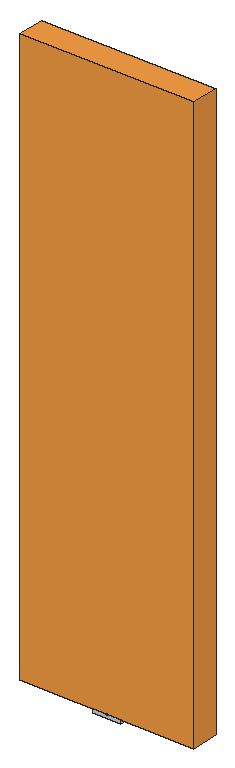
Revit family "Barrera optica motorizada_Aguilera Electronica", category Dispositivos de alarma de incendios, Revit 2017
Family settings
  Anfitrión = Cara
  Mantener orientación de anotación = Sí
  Cota de conector redondo = Diámetro de uso
  Tipo de pieza = Normal
  Número OmniClass = 23.85.30.21.11.11.11
  Título OmniClass = Smoke Detectors
  Corte con vacíos al cargar = No
  Compartido = No
  Punto de cálculo de habitación = No
Parameters (values of type "Barrera óptica motorizada 10-50m UC+1 emisor+1 espejo")
  Zona de acción 100 m = yes
  Zona de acción 50 m = no
  Símbolo = yes
  Símbolo texto modelo = yes
  Radio = Diámetro / 2  # 49.5 mm
  Altura 3 = 10 mm  # constant formula
  Altura 2 = 30 mm
  URL = "https://aguilera.es/?productos=10-50-m-unidad-de-control-1-emisor-1-espejo"
  Modelo = "AE/BO5000-50A"
  Fabricante = "Aguilera Electrónica"  # constant formula
  Elevación por defecto = 1200 mm
  Diámetro = 99 mm  # constant formula
  Descripción = "Barrera Infrarroja de Detección de Humos por Reflexión con Alineación\r\nAutomática\r\n• Alcance de 5 m a 50m ó de 5 a 100 m con el kit de ampliación AE/BO5000-K\r\n• Cobertura máxima 1500m2.\r\n• Diseño Modular.\r\n• De Fácil fijación: Base y caja de premontaje. Sistema Easifit.\r\n• Unidad de Control al nivel del suelo.\r\n• AlineaciónasistidaporpunteroLASER integrado\r\n• Compensación Automática de Suciedad.\r\n• Auto-alineación de la Barrera.\r\n• Compensación de desplazamientos en la estructura del edificio.\r\n• Conexión a dos hilos del Detector a la Unidad de Control.\r\n• Eficiencia en coste de instalación y puesta en servicio."  # constant formula
  Comentarios de tipo = "Se compone de un emisor, una unidad de control para su instalación a nivel del suelo y un espejo reflector. Certificada y homologada según norma EN 54-12.\r\n\r\nAlineación asistida por puntero láser incorporado.\r\nCompensación automática de la suciedad.\r\nAuto-alineación de la barrera y sistema “AutoOptimise” para ajuste fino automático.\r\nSistema de fijación “Easifit”.\r\nConsumo máximo en reposo 12mA y en alarma 52mA.\r\nLa unidad de control admite hasta 4 emisores.\r\nPara distancias < 50 m es necesario un espejo.\r\nPara distancias hasta 100 m son necesarios 4 espejos."  # constant formula
  Altura 1 = 120 mm  # constant formula
Types (4, lengths in mm): name | Zona de acción 100 m | Zona de acción 50 m | URL | Modelo
  (no name) | yes | no | "https://aguilera.es/?productos=10-50-m-unidad-de-control-1-emisor-1-espejo" | "AE/BO5000-50A"
  Barrera óptica motorizada 10-50m UC+1 emisor+1 espejo | yes | no | "https://aguilera.es/?productos=10-50-m-unidad-de-control-1-emisor-1-espejo" | "AE/BO5000-50A"
  Barrera óptica motorizada 1 emisor+1 espejo | no | yes | "https://aguilera.es/?productos=1-emisor-1-espejo" | "AE/BO5000-E"
  Barrera óptica motorizada kit 3 espejos | yes | no | "https://aguilera.es/?productos=10-50-m-unidad-de-control-1-emisor-1-espejo" | "AE/BO5000-K"
Reference planes
  plane 1 "Centro (Frontal/Posterior)": y = 0
  plane 2: z = 0
  plane 3 "Centro (Izquierda/Derecha)": x = 0
  plane 4: y = -1800
Forms (mm)
  Extrusion 1, solid
    sketch origin (0, -1200, 0) x (1, 0, 0) y (0, 1, 0)
      loop
        line (-1219.2, 1800) -> (-1219.2, -600) -> (1219.2, -600) -> (1219.2, 1800) -> (-1219.2, 1800)
    from 0 to -304.8
  Extrusion 2, solid, material "Zona de acción", visible <- "Zona de acción 100 m"
    sketch origin (-3703.865, 3705, 0) x (1, 0, 0) y (0, 1, 0)
      loop
        line (-3796.135, -5505) -> (11203.865, -5505) -> (11203.865, -3105) -> (-3796.135, -3105) -> (-3796.135, -5505)
    from 0 to 50000
  Extrusion 3, solid, material "Zona de acción", visible <- "Zona de acción 50 m"
    sketch origin (-4303.865, 3105, 0) x (1, 0, 0) y (0, 1, 0)
      loop
        line (-3196.135, -4905) -> (11803.865, -4905) -> (11803.865, -2505) -> (-3196.135, -2505) -> (-3196.135, -4905)
    from 0 to 100000
  Extrusion 4, solid, material "Carcasa ABS", detail levels medium+fine
    sketch origin (0, 0, 0) x (1, 0, 0) y (0, 1, 0)
      loop
        arc (0, -1565) -> (-52.553, -1575.207) -> (-100, -1600) r 185.455
        arc (-100, -1600) -> (-102.449, -1696.769) -> (-76.511, -1790.029) r 327.597
        arc (-76.511, -1790.029) -> (-38.653, -1798.062) -> (0, -1800) r 243.655
        arc (0, -1800) -> (38.653, -1798.062) -> (76.511, -1790.029) r 243.655
        arc (76.511, -1790.029) -> (102.449, -1696.769) -> (100, -1600) r 327.597
        arc (100, -1600) -> (52.553, -1575.207) -> (0, -1565) r 185.455
    from 0 to 71
  Revolve 5, solid, material "Carcasa ABS", detail levels medium+fine
    sketch origin (0, 0, 0) x (0, 1, 0) y (0, 0, 1)
      loop
        line (0, 120) -> (0, 0) -> (66, 0) -> (66, 25)
        arc (66, 25) -> (61.844, 72.5) -> (49.503, 118.557) r 273.542
        line (49.503, 118.557) -> (49.503, 135) -> (44.503, 135) -> (44.503, 120) -> (0, 120)
      axis (0, 135) -> (0, 0)
    angle from 0 to 360
  Revolve 6, solid, material "Cristal negro", detail levels medium+fine
    sketch origin (0, 0, 0) x (0, 1, 0) y (0, 0, 1)
      loop
        line (0, 135) -> (-45, 135) -> (-45, 120) -> (0, 120) -> (0, 135)
      axis (0, 135) -> (0, 120)
    angle from 0 to 360
Lines and regions (mm)
  model lines
    curve 1: line (-1222.363, 600, 0) -> (1077.637, 600, 0)
Dimensions and locks
  aligned and locked: plane 2 to Extrusion 1
  aligned and locked: level to Extrusion 1
  aligned and locked: Extrusion 2 to level
  aligned and locked: Extrusion 3 to level
Nested families
  nested 1: "S_Barrera optica_Aguilera Electronica" at (0, 2.084, 0), visible <- "Símbolo", type "S_Barrera optica_Aguilera Electronica", detail levels coarse
Connectors
  cabletrayconduit at (0, -1690.843, 0), diameter 20, driven by "Modelo"
    settings: on Extrusion 4, index 1, connector width 300 mm, connector height 300 mm, connector angle 0.00°, system type 32, placement type 0, profile type 0, connector reference index -1, is primary connector yes, connector utility param no, connector description "AE/BO5000-50A"
  cabletrayconduit at (0, 0, 0), diameter 20, driven by "Modelo"
    settings: on Revolve 5, index 2, connector width 300 mm, connector height 300 mm, connector angle 0.00°, system type 32, placement type 0, profile type 0, connector reference index -1, is primary connector no, connector utility param no, connector description "AE/BO5000-50A"
  electrical at (0, 0, 0), driven by "Modelo"
    settings: on Revolve 5, index 3, voltage 0 V, apparent load 0 VA, apparent load phase1 0 VA, apparent load phase2 0 VA, apparent load phase3 0 VA, power factor 1, load classification "Otro", number of poles 1, system type 11, power factor state 1, is connector primary yes, connector utility no, sub classification motor no, connector description "AE/BO5000-50A"
Definition of nested family "S_Barrera optica_Aguilera Electronica"
  Parameters (values of type "S_Barrera optica_Aguilera Electronica")
    Texto símbolo = "AE/BO5000-50A"
    Texto modelo = yes
    Modelo = "Barrera óptica"
  Reference planes
    plane 1: y = 0
    plane 2: x = 0
  Lines and regions (mm)
    detail lines
      curve 1: circle (0, 0, 0) r 2.117 normal (0, 0, 1)
  Text (mm)
    label "Texto símbolo" at (-0.273, 2.748, 0), shows "Texto símbolo"
    label "Modelo" at (-0.273, -3.06, 0), shows "Modelo", visible <- "Texto modelo"
